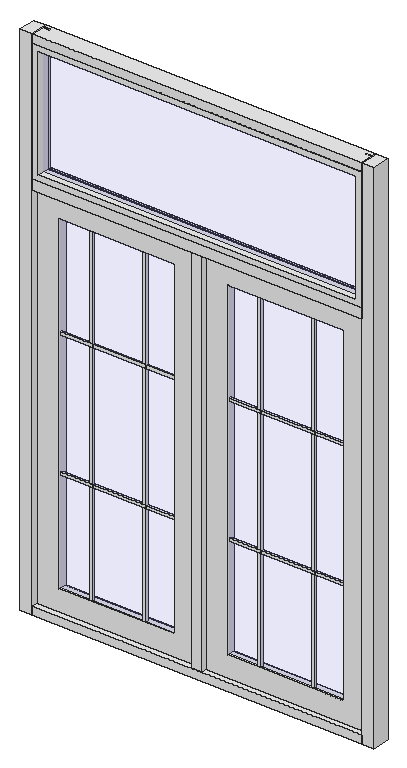
Revit family "Door_Curtain_Wall-Outswing_With_Transom-Traco-NX-8910-Double_Panel", category Curtain Panels, Revit 2015
Parameters (values of type "NX-8910 - Double_Panel-Transom")
  Water Resistance = 15.0000 psf
  Uniform Load Structural = 75.0000 psf
  Uniform Load Deflection = 50.0000 psf
  Transom Panel Width [instance] = Door Width - 0' 4 1/4"  # 5' - 1.00212"
  Transom Panel Height [instance] = Transom Height - 0' 1 1/4"  # 1' - 10 3/4"
  Transom Height [instance] = 2' - 0"
  Product data url = "https://bimobject.com/kawneerna/product/89101"
  Product Page URL = "http://www.alcoa.com/traco/en/product.asp?cat_id=1912&prod_id=4259"
  Product Documentation Link = "http://www.alcoa.com/traco/en/cad_spec.asp?cat_id=1912&prod_id=4259&area=prod"
  Panel Width [instance] = (Door Width / 2) - 0' 3"  # 2' - 5.62606"
  Panel Material [instance] = Aluminum - Traco - Anodized - Gray
  Panel Height [instance] = Door Height - 0' 2 1/2"  # 5' - 9 1/2"
  Muntin Type = Muntin-Grid-Traco-Lites : Interior
  Glass Material [instance] = Glass - Traco - Clear
  Frame Material [instance] = Aluminum - Traco - Anodized - Gray
  Door Width [instance] = if(CTRL Opening Width < Door Width Minimum, Door Width Minimum, if(CTRL Opening Width > Door Width Maximum, Door Width Maximum, CTRL Opening Width))  # 5' - 5.25212"
  Door Height [instance] = Overall Height - Transom Height  # 6' - 0"
  Door Base = 0' - 1 1/8"
  Copyright © = "2011 Traco"  # constant formula
  CTRL Opening Width [instance] = 5' - 5.25212"
  URL = "http://www.alcoa.com/traco/en/home.asp"
  U Factor = "0.40*"
  Type Comments = "2 Panel With Transom"
  Test Size = "48\" X 96\""
  Overall Height [instance] = if(CTRL Opening Height < Door Height Minimum, Door Height Minimum, if(CTRL Opening Height > Door Height Maximum, Door Height Maximum, CTRL Opening Height))  # 8' - 0"
  Muntin [instance] = yes
  Model = "NX-8910 With Transom"
  Manufacturer = "Traco"  # constant formula
  CTRL Opening Height [instance] = 8' - 0"
  Forced Entry Resistance = ""
  Door Width Minimum [instance] = 4' - 0"
  Door Width Maximum [instance] = 8' - 0"
  Door Swing Angle [instance] = 90.00°
  Door Height Minimum [instance] = 6' - 0"
  Door Height Maximum [instance] = 10' - 0"
  Designation = "AAMA/WDMA/CSA 101/I.S.2/A-440-05: HS-C50 And AAMA/WDMA/CSA 101/I.S.2/A-440-08:AW-PG50-ATD"
  Description = "Double Door"
  Condensation Resistance = "48"
  Assembly Code = "B2020220"
  Allowable Air Infiltration Maximum = "0.1 @ 6.2 PSF"
Reference planes (in)
  plane 1 "Front": y = 0
  plane 2: z = 0
  plane 3 "Center (Left/Right)": x = 0
  plane 4 "Left": x = -32.62606
  plane 5 "Right": x = 32.62606
  plane 6 "Top": z = 96
  plane 7 "Door Base": z = 1.125
  plane 8 "Muntin Center F_B": y = -0.25
  plane 9: x = -30.37606
  plane 10: x = 30.37606
  plane 11 "Stop Front": y = 0.875
  plane 12 "Right Panel Left": x = 0.75
  plane 13 "Left Panel Right": x = -0.75
Lines and regions (in)
  symbolic lines, detail levels coarse
    curve 1: line (30.50106, -1.625, 0) -> (30.37606, -1.625, 0)
    curve 2: line (-30.50106, -1.625, 0) -> (-30.37606, -1.625, 0)
  symbolic lines, detail levels fine
    curve 3: line (30.25106, 0, 71.875) -> (30.25106, 0, 70.625)
Text (in)
  text "Exterior" at (-54.29358, -18.61257, 0), in view "Ref. Level"
  text "Exterior" at (480, 41.53993, 89.60405), in view "Right"
  text "Exterior" at (-240, 57.82419, 105.78864), in view "Left"
Dimensions and locks (in)
  equal spacing: plane 4 "Left", plane 3 "Center (Left/Right)", plane 5 "Right"
  "Door Base": plane 2 to plane 7 "Door Base"
  locked: nested 1 to nested 2 at 0.125  (x2)
  "CTRL Opening Width": plane 4 "Left" to plane 5 "Right"
  "CTRL Opening Height": plane 6 "Top" to plane 2
  "Overall Height": nested 1 to plane 2
  locked: plane 4 "Left" to plane 9 at 2.25
  locked: plane 10 to plane 5 "Right" at 2.25
  locked: plane 1 "Front" to plane 8 "Muntin Center F_B" at 0.25
  locked: plane 1 "Front" to plane 11 "Stop Front" at 0.875
  locked: plane 12 "Right Panel Left" to plane 3 "Center (Left/Right)" at 0.75
  locked: plane 3 "Center (Left/Right)" to plane 13 "Left Panel Right" at 0.75
  aligned and locked: level to plane 2
  aligned and locked: nested 2 to nested 1
  aligned: plane 7 "Door Base" to nested 4
  aligned and locked: plane 11 "Stop Front" to nested 3
  aligned and locked: nested 1 to plane 11 "Stop Front"
  aligned and locked: plane 3 "Center (Left/Right)" to nested 1
  aligned and locked: plane 7 "Door Base" to nested 10
  aligned and locked: nested 10 to plane 12 "Right Panel Left"
  aligned and locked: plane 13 "Left Panel Right" to nested 4
  aligned and locked: plane 7 "Door Base" to nested 4
  aligned and locked: nested 9 to plane 13 "Left Panel Right"
  aligned and locked: nested 9 to plane 7 "Door Base"
  aligned and locked: nested 3 to plane 12 "Right Panel Left"
  aligned and locked: plane 7 "Door Base" to nested 3
Automatic sketch dimensions
  plane 1 "Front" to curve 2 = 0' - 1 5/8"
  curve 2 to plane 4 "Left" = 0' - 2 1/8"
  curve 2 to curve 2 = 0' - 0 1/8"
  plane 5 "Right" to curve 1 = 0' - 2 1/4"
  curve 1 to curve 1 = 0' - 0 1/8"
  curve 1 to plane 8 "Muntin Center F_B" = 0' - 1 3/8"
  plane 10 to curve 3 = 0' - 0 1/8"
  curve 3 to curve 3 = 0' - 1 1/4"
  plane 6 "Top" to curve 3 = 2' - 0 1/8"
Nested families (in)
  nested 1: "Door_Frame-Outswing-Traco-(NX-8910)-Double_Panel_With_Transom" at (-24, 0, 0), type "Standard Sill"
    with Door Width 5' - 5.25212", Door Height 6' - 0"
  nested 2: "Door-Glass_Panel-Traco-(TR-8910)-Transom" at (0, 0.875, 71.875), Height <- "Transom Panel Height", Width <- "Transom Panel Width", Panel Material <- "Panel Material", Glass Material <- "Glass Material", type "T"
    with built-in parameter 1001301 5' - 1.00212", built-in parameter 1001302 0' - 2 1/2", Panel Offset 0' - 4 1/4", Panel Material Aluminum - Traco - Anodized - Gray, Panel Finish none, built-in parameter 1001300 1' - 10 3/4", Glazing "Low E-Argon", Glass Material Glass - Traco - Clear
  nested 3: "Door-Glass_Panel-Traco-(TR-8910)" at (-5.62394, 1.5, 1.125), Width <- "Panel Width", Height <- "Panel Height", Panel Material <- "Panel Material", Glass Material <- "Glass Material", Angle <- "Door Swing Angle", type "S"
    with built-in parameter 1001301 2' - 5.62606", built-in parameter 1001302 0' - 1 1/2", Panel Offset 0' - 4 1/4", Panel Material Aluminum - Traco - Anodized - Gray, Panel Finish none, Hidden Swing Angle 90.00°, built-in parameter 1001300 5' - 9 1/2", Glazing Thickness 0' - 1", Glazing "Low E-Argon", Glass Material Glass - Traco - Clear, Elevation Swing yes, Angle 90.00°
  nested 4: "Muntin-Grid-Traco-Lites" at (-15.56303, -0.25, 35.875) x (-1, 0, 0) z (0, -1, 0), Sash Height <- "Panel Height", Length <- "Panel Width", type <- "Muntin Type", visible <- "Muntin", type "Interior"
    with Sash Height 5' - 9 1/2", Material Aluminum - Traco - Anodized - Gray, Length 2' - 5.62606", Glazing Thickness 0' - 0 7/8", CTRL Muntin Vertical Distance 1' - 11.16667", CTRL Muntin Horizontal Distance 0' - 9.87535", CTRL Face Offset 0' - 0 1/4", CTRL Bar Vertical Visibility no, CTRL Bar Horizontal Visibility no, CTRL Array Vertical Visibility yes, CTRL Array Horizontal Visibility yes, Has Interior Muntins yes, Has Exterior Muntins no
  nested 5: "Muntin-Trapezoid-Traco-Single" at (-20.50071, -0.0625, 35.875) x (0, 0, -1) z (0, -1, 0), type "Standard Colonial"
    with Material Aluminum - Traco - Anodized - Gray, Length 5' - 9 1/2", Width Top 0' - 0 9/16", Width Base 0' - 0 9/16", Height 0' - 0 5/16"
  nested 6: "Muntin-Trapezoid-Traco-Single" at (-15.56303, -0.0625, 47.45833) x (1, 0, 0) z (0, -1, 0), type "Standard Colonial"
    with Material Aluminum - Traco - Anodized - Gray, Length 2' - 5.62606", Width Top 0' - 0 9/16", Width Base 0' - 0 9/16", Height 0' - 0 5/16"
  nested 7: "Muntin-Trapezoid-Traco-Single" at (-10.62535, -0.0625, 35.875) x (0, 0, -1) z (0, -1, 0), type "Standard Colonial"
    with Material Aluminum - Traco - Anodized - Gray, Length 5' - 9 1/2", Width Top 0' - 0 9/16", Width Base 0' - 0 9/16", Height 0' - 0 5/16"
  nested 8: "Muntin-Trapezoid-Traco-Single" at (-15.56303, -0.0625, 24.29167) x (1, 0, 0) z (0, -1, 0), type "Standard Colonial"
    with Material Aluminum - Traco - Anodized - Gray, Length 2' - 5.62606", Width Top 0' - 0 9/16", Width Base 0' - 0 9/16", Height 0' - 0 5/16"
  nested 9: "Door-Glass_Panel-Traco-(TR-8910)" at (5.62394, 1.5, 1.125) x (-1, 0, 0) z (0, 0, 1), Width <- "Panel Width", Height <- "Panel Height", Panel Material <- "Panel Material", Glass Material <- "Glass Material", Angle <- "Door Swing Angle", type "S"
    with built-in parameter 1001301 2' - 5.62606", built-in parameter 1001302 0' - 1 1/2", Panel Offset 0' - 4 1/4", Panel Material Aluminum - Traco - Anodized - Gray, Panel Finish none, Hidden Swing Angle 90.00°, built-in parameter 1001300 5' - 9 1/2", Glazing Thickness 0' - 1", Glazing "Low E-Argon", Glass Material Glass - Traco - Clear, Elevation Swing yes, Angle 90.00°
  nested 10: "Muntin-Grid-Traco-Lites" at (15.56303, -0.25, 35.875) x (-1, 0, 0) z (0, -1, 0), Sash Height <- "Panel Height", Length <- "Panel Width", type <- "Muntin Type", visible <- "Muntin", type "Interior"
    with Sash Height 5' - 9 1/2", Material Aluminum - Traco - Anodized - Gray, Length 2' - 5.62606", Glazing Thickness 0' - 0 7/8", CTRL Muntin Vertical Distance 1' - 11.16667", CTRL Muntin Horizontal Distance 0' - 9.87535", CTRL Face Offset 0' - 0 1/4", CTRL Bar Vertical Visibility no, CTRL Bar Horizontal Visibility no, CTRL Array Vertical Visibility yes, CTRL Array Horizontal Visibility yes, Has Interior Muntins yes, Has Exterior Muntins no
  nested 11: "Muntin-Trapezoid-Traco-Single" at (10.62535, -0.0625, 35.875) x (0, 0, -1) z (0, -1, 0), type "Standard Colonial"
    with Material Aluminum - Traco - Anodized - Gray, Length 5' - 9 1/2", Width Top 0' - 0 9/16", Width Base 0' - 0 9/16", Height 0' - 0 5/16"
  nested 12: "Muntin-Trapezoid-Traco-Single" at (15.56303, -0.0625, 47.45833) x (1, 0, 0) z (0, -1, 0), type "Standard Colonial"
    with Material Aluminum - Traco - Anodized - Gray, Length 2' - 5.62606", Width Top 0' - 0 9/16", Width Base 0' - 0 9/16", Height 0' - 0 5/16"
  nested 13: "Muntin-Trapezoid-Traco-Single" at (20.50071, -0.0625, 35.875) x (0, 0, -1) z (0, -1, 0), type "Standard Colonial"
    with Material Aluminum - Traco - Anodized - Gray, Length 5' - 9 1/2", Width Top 0' - 0 9/16", Width Base 0' - 0 9/16", Height 0' - 0 5/16"
  nested 14: "Muntin-Trapezoid-Traco-Single" at (15.56303, -0.0625, 24.29167) x (1, 0, 0) z (0, -1, 0), type "Standard Colonial"
    with Material Aluminum - Traco - Anodized - Gray, Length 2' - 5.62606", Width Top 0' - 0 9/16", Width Base 0' - 0 9/16", Height 0' - 0 5/16"
Definition of nested family "Door_Frame-Outswing-Traco-(NX-8910)-Double_Panel_With_Transom"
  Parameters
    Transom Height = 2' - 0"
    Mullion Thickness = 0' - 2 3/4"
    Jamb Thickness = 0' - 2 1/4"
    Head Thickness = 0' - 1 3/4"
    Frame Material = none
    Frame Depth = 0' - 3 1/4"
    Door Width = 4' - 0"
    Door Height = 8' - 0"
    Assembly Code = ""
  Reference planes (in)
    plane 1 "Center (Front/Back)": y = 0
    plane 2 "Bottom": z = 0
    plane 3 "Center (Left/Right)": x = 24
    plane 4 "Interior": y = 1.625
    plane 5 "Exterior": y = -1.625
    plane 6 "Left": x = 0
    plane 7 "Top of Frame": z = 96
    plane 8 "Inside Frame Left Side": x = 2.25
    plane 9 "Inside Frame Right Side": x = 45.75
    plane 10 "Panel Top": z = 94.25
    plane 11 "Panel Bottom": z = 1.5
    plane 12 "Right": x = 48
    plane 13 "Mullion Left Side": x = 22.625
    plane 14 "Mullion Right Side": x = 25.375
    plane 15 "Top": z = 120
    plane 16 "Top Inset": z = 118.5
    plane 17 "Tab Back": y = 1
    plane 18 "Tab Front": y = 0.875
    plane 19 "Left Stop Right": x = 3.375
    plane 20 "Left Center": x = 23.125
    plane 21 "Mullion Right": x = 25.375
    plane 22 "Right Center": x = 24.875
    plane 23 "Right Stop Left": x = 44.625
    plane 24 "Transoml Top": z = 117.375
    plane 25 "Transom Bottom": z = 97.125
    plane 26 "Panel Bottom Inset": z = 2.4375
    plane 27 "Panel Top Inset": z = 93.125
  Forms (in)
    Extrusion 1, solid, material <- "Frame Material"
      sketch origin (24, 0, 0) x (0, 1, 0) y (0, 0, 1)
        loop
          line (1.625, 0) -> (1.625, 2) -> (0.875, 2.4375) -> (0.875, 1.5) -> (-1.625, 1.5) -> (-1.625, 0) -> (1.625, 0)
      from -21.75 to 21.75
    Extrusion 2, solid, material <- "Frame Material"
      sketch origin (0, 0, 0) x (1, 0, 0) y (0, 1, 0)
        loop
          line (0, -1.625) -> (2.25, -1.625) -> (2.25, 0.875) -> (3.375, 0.875) -> (3.375, 1) -> (2.25, 1) -> (2.25, 1.625) -> (0, 1.625) -> (0, -1.625)
        loop
          line (48, -1.625) -> (48, 1.625) -> (45.75, 1.625) -> (45.75, 1) -> (44.625, 1) -> (44.625, 0.875) -> (45.75, 0.875) -> (45.75, -1.625) -> (48, -1.625)
      from 0 to 120
    Extrusion 3, solid, material <- "Frame Material"
      sketch origin (0, 0, 0) x (1, 0, 0) y (0, 1, 0)
        loop
          line (23.125, -1.625) -> (24.875, -1.625) -> (24.875, 0.875) -> (25.375, 0.875) -> (25.375, 1) -> (22.625, 1) -> (22.625, 0.875) -> (23.125, 0.875) -> (23.125, -1.625)
      from 1.5 to 94.25
    Extrusion 4, solid, material <- "Frame Material"
      sketch origin (0.2506, 0, 0) x (0, 1, 0) y (0, 0, 1)
        loop
          line (-1.625, 120) -> (-1.625, 118.5) -> (0.875, 118.5) -> (0.875, 117.375) -> (1, 117.375) -> (1, 118.5) -> (1.625, 118.5) -> (1.625, 120) -> (-1.625, 120)
      from 1.9994 to 45.4994
    Extrusion 5, solid, material <- "Frame Material"
      sketch origin (-0.88422, 0, 0) x (0, 1, 0) y (0, 0, 1)
        loop
          line (-1.625, 96) -> (-1.625, 94.25) -> (0.875, 94.25) -> (0.875, 93.125) -> (1, 93.125) -> (1, 94.25) -> (1.625, 94.25) -> (1.625, 96) -> (1, 96) -> (1, 97.125) -> (0.875, 97.125) -> (0.875, 96) -> (-1.625, 96)
      from 3.13422 to 46.63422
  Lines and regions (in)
    Masking region 1
      outline origin (0, 0, 96) x (-1, 0, 0) y (0, -1, 0)
        loop
          line (0, 1.625) -> (-48, 1.625) -> (-48, -1.625) -> (0, -1.625) -> (0, 1.625)
    Masking region 2
      outline origin (0, 0, 0) x (1, 0, 0) y (0, 0, 1)
        loop
          line (0, 0) -> (48, 0) -> (48, 120) -> (0, 120) -> (0, 0)
        loop
          line (3.375, 97.125) -> (44.625, 97.125) -> (44.625, 117.375) -> (3.375, 117.375) -> (3.375, 97.125)
        loop
          line (3.375, 2.4375) -> (22.625, 2.4375) -> (22.625, 93.125) -> (3.375, 93.125) -> (3.375, 2.4375)
        loop
          line (25.375, 93.125) -> (25.375, 2.4375) -> (44.625, 2.4375) -> (44.625, 93.125) -> (25.375, 93.125)
    symbolic lines, detail levels medium+fine
      curve 1: line (2.25, -1.625, 96) -> (2.25, 0.875, 96)
      curve 2: line (2.25, 0.875, 96) -> (3.375, 0.875, 96)
      curve 3: line (3.375, 0.875, 96) -> (3.375, 1, 96)
      curve 4: line (3.375, 1, 96) -> (2.25, 1, 96)
      curve 5: line (2.25, 1, 96) -> (2.25, 1.625, 96)
      curve 6: line (23.125, -1.625, 96) -> (23.125, 0.875, 96)
      curve 7: line (23.125, 0.875, 96) -> (22.625, 0.875, 96)
      curve 8: line (22.625, 0.875, 96) -> (22.625, 1, 96)
      curve 9: line (22.625, 1, 96) -> (25.375, 1, 96)
      curve 10: line (25.375, 1, 96) -> (25.375, 0.875, 96)
      curve 11: line (25.375, 0.875, 96) -> (24.875, 0.875, 96)
      curve 12: line (24.875, 0.875, 96) -> (24.875, -1.625, 96)
      curve 13: line (45.75, -1.625, 96) -> (45.75, 0.875, 96)
      curve 14: line (45.75, 0.875, 96) -> (44.625, 0.875, 96)
      curve 15: line (44.625, 0.875, 96) -> (44.625, 1, 96)
      curve 16: line (44.625, 1, 96) -> (45.75, 1, 96)
      curve 17: line (45.75, 1, 96) -> (45.75, 1.625, 96)
    symbolic lines
      curve 18: line (2.25, 1.625, 120) -> (2.25, 1.625, 0)
      curve 19: line (2.25, 1.625, 118.5) -> (45.75, 1.625, 118.5)
      curve 20: line (45.75, 1.625, 117.375) -> (44.625, 1.625, 117.375)
      curve 21: line (44.625, 1.625, 117.375) -> (44.625, 1.625, 118.5)
      curve 22: line (2.25, 1.625, 117.375) -> (3.375, 1.625, 117.375)
      curve 23: line (3.375, 1.625, 117.375) -> (3.375, 1.625, 118.5)
      curve 24: line (45.75, 1.625, 120) -> (45.75, 1.625, 0)
      curve 25: line (45.75, 1.625, 2.4375) -> (44.625, 1.625, 2.4375)
      curve 26: line (45.75, 1.625, 1.5) -> (2.25, 1.625, 1.5)
      curve 27: line (3.375, 1.625, 2.4375) -> (3.375, 1.625, 1.5)
      curve 28: line (3.375, 1.625, 2.4375) -> (2.25, 1.625, 2.4375)
      curve 29: line (22.625, 1.625, 1.5) -> (22.625, 1.625, 2.4375)
      curve 30: line (25.375, 1.625, 1.5) -> (25.375, 1.625, 2.4375)
      curve 31: line (24.875, 1.625, 2.4375) -> (25.375, 1.625, 2.4375)
      curve 32: line (23.125, 1.625, 2.4375) -> (22.625, 1.625, 2.4375)
      curve 33: line (23.125, 1.625, 1.5) -> (23.125, 1.625, 94.25)
      curve 34: line (22.625, 1.625, 93.125) -> (23.125, 1.625, 93.125)
      curve 35: line (22.625, 1.625, 93.125) -> (22.625, 1.625, 94.25)
      curve 36: line (25.375, 1.625, 93.125) -> (24.875, 1.625, 93.125)
      curve 37: line (25.375, 1.625, 93.125) -> (25.375, 1.625, 94.25)
      curve 38: line (24.875, 1.625, 94.25) -> (24.875, 1.625, 1.5)
      curve 39: line (2.25, 1.625, 94.25) -> (45.75, 1.625, 94.25)
      curve 40: line (44.625, 1.625, 94.25) -> (44.625, 1.625, 93.125)
      curve 41: line (45.75, 1.625, 93.125) -> (44.625, 1.625, 93.125)
      curve 42: line (2.25, 1.625, 93.125) -> (3.375, 1.625, 93.125)
      curve 43: line (3.375, 1.625, 93.125) -> (3.375, 1.625, 94.25)
      curve 44: line (3.375, 1.625, 97.125) -> (3.375, 1.625, 96)
      curve 45: line (2.25, 1.625, 97.125) -> (3.375, 1.625, 97.125)
      curve 46: line (2.25, 1.625, 96) -> (45.75, 1.625, 96)
      curve 47: line (44.625, 1.625, 96) -> (44.625, 1.625, 97.125)
      curve 48: line (44.625, 1.625, 97.125) -> (45.75, 1.625, 97.125)
      curve 49: line (44.625, 1.625, 2.4375) -> (44.625, 1.625, 1.5)
      curve 50: line (2.25, -1.625, 118.5) -> (45.75, -1.625, 118.5)
      curve 51: line (2.25, -1.625, 120) -> (2.25, -1.625, 0)
      curve 52: line (2.25, -1.625, 1.5) -> (45.75, -1.625, 1.5)
      curve 53: line (3.375, -1.625, 1.5) -> (3.375, -1.625, 2.4375)
      curve 54: line (2.25, -1.625, 2.4375) -> (3.375, -1.625, 2.4375)
      curve 55: line (22.625, -1.625, 2.4375) -> (23.125, -1.625, 2.4375)
      curve 56: line (22.625, -1.625, 2.4375) -> (22.625, -1.625, 1.5)
      curve 57: line (25.375, -1.625, 2.4375) -> (24.875, -1.625, 2.4375)
      curve 58: line (25.375, -1.625, 2.4375) -> (25.375, -1.625, 1.5)
      curve 59: line (23.125, -1.625, 1.5) -> (23.125, -1.625, 94.25)
      curve 60: line (22.625, -1.625, 94.25) -> (22.625, -1.625, 93.125)
      curve 61: line (23.125, -1.625, 93.125) -> (22.625, -1.625, 93.125)
      curve 62: line (24.875, -1.625, 94.25) -> (24.875, -1.625, 1.5)
      curve 63: line (25.375, -1.625, 93.125) -> (24.875, -1.625, 93.125)
      curve 64: line (25.375, -1.625, 93.125) -> (25.375, -1.625, 94.25)
      curve 65: line (44.625, -1.625, 93.125) -> (44.625, -1.625, 94.25)
      curve 66: line (44.625, -1.625, 93.125) -> (45.75, -1.625, 93.125)
      curve 67: line (45.75, -1.625, 94.25) -> (2.25, -1.625, 94.25)
      curve 68: line (3.375, -1.625, 93.125) -> (3.375, -1.625, 94.25)
      curve 69: line (3.375, -1.625, 93.125) -> (2.25, -1.625, 93.125)
      curve 70: line (2.25, -1.625, 96) -> (45.75, -1.625, 96)
      curve 71: line (44.625, -1.625, 96) -> (44.625, -1.625, 97.125)
      curve 72: line (44.625, -1.625, 97.125) -> (45.75, -1.625, 97.125)
      curve 73: line (2.25, -1.625, 97.125) -> (3.375, -1.625, 97.125)
      curve 74: line (3.375, -1.625, 97.125) -> (3.375, -1.625, 96)
      curve 75: line (45.75, -1.625, 0) -> (45.75, -1.625, 120)
      curve 76: line (44.625, -1.625, 118.5) -> (44.625, -1.625, 117.375)
      curve 77: line (44.625, -1.625, 117.375) -> (45.75, -1.625, 117.375)
      curve 78: line (2.25, -1.625, 117.375) -> (3.375, -1.625, 117.375)
      curve 79: line (3.375, -1.625, 117.375) -> (3.375, -1.625, 118.5)
      curve 80: line (44.625, -1.625, 1.5) -> (44.625, -1.625, 2.4375)
      curve 81: line (44.625, -1.625, 2.4375) -> (45.75, -1.625, 2.4375)
  Dimensions and locks (in)
    equal spacing: plane 4 "Interior", plane 1 "Center (Front/Back)", plane 5 "Exterior"
    "Frame Depth": plane 4 "Interior" to plane 5 "Exterior"
    "Head Thickness": plane 7 "Top of Frame" to plane 10 "Panel Top"
    "Jamb Thickness": plane 6 "Left" to plane 8 "Inside Frame Left Side"
    "Door Height": plane 7 "Top of Frame" to plane 2 "Bottom"
    plane 11 "Panel Bottom" to plane 2 "Bottom" = 0' - 1 1/2"
    equal spacing: plane 6 "Left", plane 3 "Center (Left/Right)", plane 12 "Right"
    "Door Width": plane 12 "Right" to plane 6 "Left"
    "Jamb Thickness": plane 12 "Right" to plane 9 "Inside Frame Right Side"
    equal spacing: plane 13 "Mullion Left Side", plane 3 "Center (Left/Right)", plane 14 "Mullion Right Side"
    "Mullion Thickness": plane 13 "Mullion Left Side" to plane 14 "Mullion Right Side"
    "Transom Height": plane 15 "Top" to plane 7 "Top of Frame"
    locked: plane 15 "Top" to plane 16 "Top Inset" at 1.5
    locked: Extrusion 5 sketch curve to Extrusion 5 sketch curve at 1.125
    locked: plane 17 "Tab Back" to plane 18 "Tab Front" at 0.125
    locked: plane 8 "Inside Frame Left Side" to plane 19 "Left Stop Right" at 1.125
    locked: plane 23 "Right Stop Left" to plane 9 "Inside Frame Right Side" at 1.125
    locked: plane 13 "Mullion Left Side" to plane 20 "Left Center" at 0.5
    locked: plane 22 "Right Center" to plane 21 "Mullion Right" at 0.5
    locked: plane 15 "Top" to plane 24 "Transoml Top" at 2.625
    locked: plane 25 "Transom Bottom" to plane 7 "Top of Frame" at 1.125
    locked: plane 26 "Panel Bottom Inset" to plane 11 "Panel Bottom" at 0.9375
    locked: plane 10 "Panel Top" to plane 27 "Panel Top Inset" at 1.125
    aligned and locked: level to plane 2 "Bottom"
    aligned and locked: plane 8 "Inside Frame Left Side" to Extrusion 1
    aligned and locked: Extrusion 1 to plane 9 "Inside Frame Right Side"
    aligned: plane 7 "Top of Frame" to Extrusion 2
    aligned and locked: plane 10 "Panel Top" to Extrusion 3
    aligned: plane 15 "Top" to Extrusion 4
    aligned: plane 16 "Top Inset" to Extrusion 4
    aligned and locked: plane 8 "Inside Frame Left Side" to Extrusion 4
    aligned and locked: Extrusion 4 to plane 9 "Inside Frame Right Side"
    aligned and locked: plane 15 "Top" to Extrusion 2
    aligned and locked: plane 8 "Inside Frame Left Side" to Extrusion 5
    aligned and locked: Extrusion 5 to plane 9 "Inside Frame Right Side"
    aligned and locked: plane 5 "Exterior" to Extrusion 4 sketch curve
    aligned and locked: Extrusion 4 sketch curve to plane 4 "Interior"
    aligned and locked: plane 15 "Top" to Extrusion 4 sketch curve
    aligned and locked: plane 16 "Top Inset" to Extrusion 4 sketch curve
    aligned and locked: plane 4 "Interior" to Extrusion 2 sketch curve
    aligned and locked: Extrusion 2 sketch curve to plane 4 "Interior"
    aligned and locked: Extrusion 2 sketch curve to plane 12 "Right"
    aligned and locked: Extrusion 2 sketch curve to plane 5 "Exterior"
    aligned and locked: Extrusion 2 sketch curve to plane 9 "Inside Frame Right Side"  (x2)
    aligned and locked: plane 6 "Left" to Extrusion 2 sketch curve
    aligned and locked: plane 5 "Exterior" to Extrusion 2 sketch curve
    aligned and locked: Extrusion 2 sketch curve to plane 8 "Inside Frame Left Side"  (x2)
    aligned and locked: plane 4 "Interior" to Extrusion 1 sketch curve
    aligned and locked: plane 5 "Exterior" to Extrusion 1 sketch curve
    aligned and locked: Extrusion 1 sketch curve to level
    aligned and locked: plane 11 "Panel Bottom" to Extrusion 1 sketch curve
    aligned and locked: plane 5 "Exterior" to Extrusion 3 sketch curve
    aligned and locked: plane 7 "Top of Frame" to Extrusion 5 sketch curve  (x2)
    aligned and locked: Extrusion 5 sketch curve to plane 10 "Panel Top"  (x2)
    aligned and locked: plane 5 "Exterior" to Extrusion 5 sketch curve
    aligned and locked: plane 4 "Interior" to Extrusion 5 sketch curve
    aligned and locked: Extrusion 3 to plane 11 "Panel Bottom"
    aligned and locked: Extrusion 3 to plane 10 "Panel Top"
    aligned and locked: plane 6 "Left" to Masking region 1 sketch curve
    aligned and locked: plane 5 "Exterior" to Masking region 1 sketch curve
    aligned and locked: plane 4 "Interior" to Masking region 1 sketch curve
    aligned and locked: plane 12 "Right" to Masking region 1 sketch curve
    aligned and locked: plane 9 "Inside Frame Right Side" to Extrusion 2  (x2)
    aligned and locked: Extrusion 2 to plane 8 "Inside Frame Left Side"  (x2)
    aligned and locked: Extrusion 2 to plane 18 "Tab Front"  (x2)
    aligned and locked: Extrusion 2 to plane 19 "Left Stop Right"
    aligned and locked: plane 17 "Tab Back" to Extrusion 2  (x2)
    aligned and locked: plane 20 "Left Center" to Extrusion 3
    aligned and locked: Extrusion 3 to plane 18 "Tab Front"  (x2)
    aligned and locked: plane 13 "Mullion Left Side" to Extrusion 3
    aligned and locked: plane 17 "Tab Back" to Extrusion 3
    aligned and locked: Extrusion 3 to plane 21 "Mullion Right"
    aligned and locked: Extrusion 3 to plane 22 "Right Center"
    aligned and locked: plane 23 "Right Stop Left" to Extrusion 2
    aligned and locked: curve 17 to plane 9 "Inside Frame Right Side"
    aligned and locked: plane 15 "Top" to Masking region 2 sketch curve
    aligned and locked: plane 12 "Right" to Masking region 2 sketch curve
    aligned and locked: plane 6 "Left" to Masking region 2 sketch curve
    aligned and locked: Masking region 2 sketch curve to plane 2 "Bottom"
    aligned and locked: plane 19 "Left Stop Right" to Masking region 2 sketch curve  (x2)
    aligned and locked: Masking region 2 sketch curve to plane 23 "Right Stop Left"
    aligned and locked: plane 23 "Right Stop Left" to Masking region 2 sketch curve
    aligned and locked: Masking region 2 sketch curve to plane 21 "Mullion Right"
    aligned and locked: Masking region 2 sketch curve to plane 13 "Mullion Left Side"
    aligned and locked: Masking region 2 sketch curve to plane 24 "Transoml Top"
    aligned and locked: Masking region 2 sketch curve to plane 25 "Transom Bottom"
    aligned and locked: plane 27 "Panel Top Inset" to Masking region 2 sketch curve
    aligned and locked: Masking region 2 sketch curve to plane 27 "Panel Top Inset"
    aligned and locked: Masking region 2 sketch curve to plane 26 "Panel Bottom Inset"
    aligned and locked: plane 26 "Panel Bottom Inset" to Masking region 2 sketch curve
    aligned and locked: plane 8 "Inside Frame Left Side" to curve 18
    aligned and locked: plane 9 "Inside Frame Right Side" to curve 24
    aligned and locked: plane 11 "Panel Bottom" to curve 26
    aligned and locked: plane 26 "Panel Bottom Inset" to curve 25
    aligned and locked: curve 29 to plane 13 "Mullion Left Side"
    aligned and locked: plane 26 "Panel Bottom Inset" to curve 32
    aligned and locked: curve 31 to plane 26 "Panel Bottom Inset"
    aligned and locked: curve 30 to plane 21 "Mullion Right"
    aligned and locked: plane 22 "Right Center" to curve 38
    aligned and locked: plane 19 "Left Stop Right" to curve 27
    aligned and locked: plane 26 "Panel Bottom Inset" to curve 28
    aligned and locked: curve 35 to plane 13 "Mullion Left Side"
    aligned and locked: curve 34 to plane 27 "Panel Top Inset"
    aligned and locked: curve 37 to plane 21 "Mullion Right"
    aligned and locked: plane 27 "Panel Top Inset" to curve 36
    aligned and locked: curve 33 to plane 20 "Left Center"
    aligned and locked: curve 39 to plane 10 "Panel Top"
    aligned and locked: curve 46 to plane 7 "Top of Frame"
    aligned and locked: curve 42 to plane 27 "Panel Top Inset"
    aligned and locked: curve 43 to plane 19 "Left Stop Right"
    aligned and locked: plane 19 "Left Stop Right" to curve 44
    aligned and locked: curve 45 to plane 25 "Transom Bottom"
    aligned and locked: curve 20 to plane 24 "Transoml Top"
    aligned and locked: curve 21 to plane 23 "Right Stop Left"
    aligned and locked: plane 16 "Top Inset" to curve 19
    aligned and locked: plane 24 "Transoml Top" to curve 22
    aligned and locked: curve 23 to plane 19 "Left Stop Right"
    aligned and locked: curve 48 to plane 25 "Transom Bottom"
    aligned and locked: curve 47 to plane 23 "Right Stop Left"
    aligned and locked: plane 23 "Right Stop Left" to curve 40
    aligned and locked: plane 27 "Panel Top Inset" to curve 41
    aligned and locked: plane 23 "Right Stop Left" to curve 49
    aligned and locked: plane 16 "Top Inset" to curve 50
    aligned and locked: curve 75 to plane 9 "Inside Frame Right Side"
    aligned and locked: plane 23 "Right Stop Left" to curve 76
    aligned and locked: plane 24 "Transoml Top" to curve 77
    aligned and locked: plane 8 "Inside Frame Left Side" to curve 51
    aligned and locked: plane 24 "Transoml Top" to curve 78
    aligned and locked: curve 79 to plane 19 "Left Stop Right"
    aligned and locked: curve 73 to plane 25 "Transom Bottom"
    aligned and locked: plane 19 "Left Stop Right" to curve 74
    aligned and locked: curve 70 to plane 7 "Top of Frame"
    aligned and locked: curve 72 to plane 25 "Transom Bottom"
    aligned and locked: curve 71 to plane 23 "Right Stop Left"
    aligned and locked: plane 10 "Panel Top" to curve 67
    aligned and locked: curve 68 to plane 19 "Left Stop Right"
    aligned and locked: plane 27 "Panel Top Inset" to curve 69
    aligned and locked: plane 27 "Panel Top Inset" to curve 61
    aligned and locked: plane 13 "Mullion Left Side" to curve 60
    aligned and locked: curve 64 to plane 21 "Mullion Right"
    aligned and locked: plane 27 "Panel Top Inset" to curve 63
    aligned and locked: curve 59 to plane 20 "Left Center"
    aligned and locked: plane 22 "Right Center" to curve 62
    aligned and locked: curve 65 to plane 23 "Right Stop Left"
    aligned and locked: curve 66 to plane 27 "Panel Top Inset"
    aligned and locked: curve 80 to plane 23 "Right Stop Left"
    aligned and locked: curve 81 to plane 26 "Panel Bottom Inset"
    aligned and locked: curve 52 to plane 11 "Panel Bottom"
    aligned and locked: plane 21 "Mullion Right" to curve 58
    aligned and locked: plane 26 "Panel Bottom Inset" to curve 57
    aligned and locked: curve 55 to plane 26 "Panel Bottom Inset"
    aligned and locked: plane 13 "Mullion Left Side" to curve 56
    aligned and locked: curve 53 to plane 19 "Left Stop Right"
    aligned and locked: curve 54 to plane 26 "Panel Bottom Inset"
  Automatic sketch dimensions
    plane 16 "Top Inset" to Extrusion 4 sketch curve = 0' - 0"
    Extrusion 4 sketch curve to plane 4 "Interior" = 0' - 0 3/4"
    Extrusion 4 sketch curve to Extrusion 4 sketch curve = 0' - 0 1/8"
    Extrusion 4 sketch curve to Extrusion 4 sketch curve = 0' - 1 1/8"
    Extrusion 1 sketch curve to plane 4 "Interior" = 0' - 0 3/4"
    plane 11 "Panel Bottom" to Extrusion 1 sketch curve = 0' - 0 1/2"
    Extrusion 1 sketch curve to Extrusion 1 sketch curve = 0' - 0 7/16"
    Extrusion 3 sketch curve to plane 13 "Mullion Left Side" = 0' - 0"
    Extrusion 3 sketch curve to plane 14 "Mullion Right Side" = 0' - 0"
    Extrusion 3 sketch curve to plane 13 "Mullion Left Side" = 0' - 0 1/2"
    plane 14 "Mullion Right Side" to Extrusion 3 sketch curve = 0' - 0 1/2"
    Extrusion 3 sketch curve to plane 4 "Interior" = 0' - 0 3/4"  (x2)
    Extrusion 3 sketch curve to Extrusion 3 sketch curve = 0' - 0 1/8"
    Extrusion 2 sketch curve to plane 8 "Inside Frame Left Side" = 0' - 1 1/8"
    Extrusion 2 sketch curve to Extrusion 2 sketch curve = 0' - 1 1/8"
    Extrusion 2 sketch curve to Extrusion 2 sketch curve = 0' - 0 3/4"
    Extrusion 2 sketch curve to plane 4 "Interior" = 0' - 0 3/4"
    Extrusion 2 sketch curve to Extrusion 2 sketch curve = 0' - 0 1/8"  (x2)
    Extrusion 5 sketch curve to Extrusion 5 sketch curve = 0' - 0 3/4"
    Extrusion 5 sketch curve to plane 4 "Interior" = 0' - 0 3/4"
    Extrusion 5 sketch curve to Extrusion 5 sketch curve = 0' - 0 1/8"  (x2)
    plane 7 "Top of Frame" to Extrusion 5 sketch curve = 0' - 1 1/8"
    curve 13 to plane 9 "Inside Frame Right Side" = 0' - 0"
    curve 15 to plane 23 "Right Stop Left" = 0' - 0"
    curve 14 to plane 18 "Tab Front" = 0' - 0"
    curve 9 to plane 14 "Mullion Right Side" = 0' - 0"
    curve 12 to plane 22 "Right Center" = 0' - 0"
    plane 5 "Exterior" to curve 6 = 0' - 0"
    curve 6 to plane 20 "Left Center" = 0' - 0"
    curve 7 to plane 13 "Mullion Left Side" = 0' - 0"
    curve 3 to plane 19 "Left Stop Right" = 0' - 0"
    curve 4 to plane 8 "Inside Frame Left Side" = 0' - 0"
    curve 1 to plane 8 "Inside Frame Left Side" = 0' - 0"
    curve 17 to plane 4 "Interior" = 0' - 0"
    curve 5 to plane 4 "Interior" = 0' - 0"
    curve 17 to plane 17 "Tab Back" = 0' - 0"
    curve 5 to plane 17 "Tab Back" = 0' - 0"
    curve 9 to plane 17 "Tab Back" = 0' - 0"
    curve 6 to plane 18 "Tab Front" = 0' - 0"
    curve 10 to plane 18 "Tab Front" = 0' - 0"
    curve 1 to plane 18 "Tab Front" = 0' - 0"
    plane 5 "Exterior" to curve 12 = 0' - 0"
    plane 5 "Exterior" to curve 13 = 0' - 0"
    plane 5 "Exterior" to curve 1 = 0' - 0"
    curve 18 to level = 0' - 0"
    curve 24 to level = 0' - 0"
    curve 18 to plane 15 "Top" = 0' - 0"
    curve 24 to plane 15 "Top" = 0' - 0"
    curve 75 to level = 0' - 0"
    curve 51 to level = 0' - 0"
    curve 51 to plane 15 "Top" = 0' - 0"
    curve 75 to plane 15 "Top" = 0' - 0"
Definition of nested family "Door-Glass_Panel-Traco-(TR-8910)-Transom"
  Parameters
    Width [instance] = 6' - 0"
    Visible Light Transmission = 0
    URL = "www.integratedcontentsolutions.com"
    U Value = 0
    Type Comments = "Panel theory and model developed by Integrated Content Solutions"  # constant formula
    Thickness [instance] = 0' - 2 1/2"
    Solar Heat Gain Coefficient = 0
    R Value = 0
    Product Documentation Link = "www.integratedcontentsolutions.com"
    Panel Offset [instance] = 0' - 4 1/4"
    Panel Material [instance] = none
    Panel Finish [instance] = none
    Manufacturer = "Integrated Content Solutions"  # constant formula
    LEED Credit = ""
    Height [instance] = 2' - 0"
    Glazing [instance] = "Low E-Argon"
    Glass Material [instance] = none
    Function = 1
    Energy Star Zone = ""
    Copyright © = "Integrated Content Solutions © 2009"  # constant formula
    Assembly Code = "C1020110"
    Appear In Schedule = 0 = 1  # no
    Air Leakage = 0
  Reference planes (in)
    plane 1 "Exterior": y = 0
    plane 2 "Bottom": z = 0
    plane 3 "Left Side": x = -36
    plane 4 "Interior": y = -2.5
    plane 5 "Right Side": x = 36
    plane 6 "Top": z = 24
    plane 7 "Glass Exterior": y = -1.375
    plane 8 "Center L_R": x = 0
    plane 9 "Glazing Center F_B": y = -0.875
    plane 10 "Glazing Exterior": y = -0.375
    plane 11 "Glazing Left": x = -34.875
    plane 12 "Glazing Right": x = 34.875
    plane 13 "Glazing Top": z = 22.875
    plane 14 "Glazing Bottom": z = 1.125
  Forms (in)
    Extrusion 1, solid, material <- "Panel Material"
      sketch origin (0, 0, 0) x (1, 0, 0) y (0, 0, 1)
        loop
          line (-36, 24) -> (-36, 0) -> (36, 0) -> (36, 24) -> (-36, 24)
        loop
          line (-34.875, 22.875) -> (-34.875, 1.125) -> (34.875, 1.125) -> (34.875, 22.875) -> (-34.875, 22.875)
      from 0 to 2.5
    Extrusion 2, solid, material <- "Glass Material"
      sketch origin (0, -0.25, 0) x (1, 0, 0) y (0, 0, -1)
        loop
          line (-34.875, -22.875) -> (34.875, -22.875) -> (34.875, -1.125) -> (-34.875, -1.125) -> (-34.875, -22.875)
      from -1.125 to -0.125
  Lines and regions (in)
    Masking region 1
      outline origin (0, 0, 24) x (-1, 0, 0) y (0, -1, 0)
        loop
          line (36, 2.5) -> (-36, 2.5) -> (-36, 0) -> (36, 0) -> (36, 2.5)
    Masking region 2
      outline origin (0, -0.875, 0) x (-1, 0, 0) y (0, 0, 1)
        loop
          line (36, 0) -> (36, 24) -> (-36, 24) -> (-36, 0) -> (36, 0)
        loop
          line (34.875, 1.125) -> (34.875, 22.875) -> (-34.875, 22.875) -> (-34.875, 1.125) -> (34.875, 1.125)
    Masking region 3
      outline origin (0, 0, 0) x (0, 0, 1) y (0, -1, 0)
        loop
          line (0, 2.5) -> (0, 0) -> (24, 0) -> (24, 2.5) -> (0, 2.5)
  Dimensions and locks (in)
    "Width": plane 3 "Left Side" to plane 5 "Right Side"
    "Thickness": plane 4 "Interior" to plane 1 "Exterior"
    "Height": plane 6 "Top" to plane 2 "Bottom"
    "Width": plane 3 "Left Side" to Extrusion 1
    equal spacing: plane 5 "Right Side", plane 8 "Center L_R", plane 3 "Left Side"
    locked: Extrusion 1 sketch curve to Extrusion 1 sketch curve at 1.125  (x4)
    plane 9 "Glazing Center F_B" to plane 10 "Glazing Exterior" = 0' - 0 1/2"
    locked: plane 7 "Glass Exterior" to plane 10 "Glazing Exterior" at 1
    locked: plane 14 "Glazing Bottom" to plane 2 "Bottom" at 1.125
    locked: plane 6 "Top" to plane 13 "Glazing Top" at 1.125
    locked: plane 11 "Glazing Left" to plane 3 "Left Side" at 1.125
    locked: plane 5 "Right Side" to plane 12 "Glazing Right" at 1.125
    aligned and locked: plane 3 "Left Side" to Extrusion 1 sketch curve
    aligned: Extrusion 1 to plane 1 "Exterior"
    aligned: plane 4 "Interior" to Extrusion 1
    aligned and locked: level to plane 2 "Bottom"
    aligned and locked: plane 4 "Interior" to Extrusion 1
    aligned and locked: Extrusion 1 to plane 1 "Exterior"
    aligned and locked: Masking region 1 sketch curve to plane 3 "Left Side"
    aligned and locked: Masking region 1 sketch curve to plane 1 "Exterior"
    aligned and locked: plane 4 "Interior" to Masking region 1 sketch curve
    aligned and locked: plane 5 "Right Side" to Masking region 1 sketch curve
    aligned and locked: Extrusion 2 to plane 11 "Glazing Left"
    aligned and locked: plane 12 "Glazing Right" to Extrusion 2
    aligned and locked: Extrusion 2 to plane 7 "Glass Exterior"
    aligned and locked: Extrusion 2 to plane 10 "Glazing Exterior"
    aligned and locked: Extrusion 2 sketch curve to plane 13 "Glazing Top"
    aligned and locked: Extrusion 2 sketch curve to plane 12 "Glazing Right"
    aligned and locked: plane 11 "Glazing Left" to Extrusion 2 sketch curve
    aligned and locked: plane 14 "Glazing Bottom" to Extrusion 2 sketch curve
    aligned and locked: plane 6 "Top" to Masking region 2 sketch curve
    aligned and locked: plane 5 "Right Side" to Masking region 2 sketch curve
    aligned and locked: Masking region 2 sketch curve to plane 2 "Bottom"
    aligned and locked: Masking region 2 sketch curve to plane 3 "Left Side"
    aligned and locked: plane 13 "Glazing Top" to Masking region 2 sketch curve
    aligned and locked: plane 12 "Glazing Right" to Masking region 2 sketch curve
    aligned and locked: Masking region 2 sketch curve to plane 14 "Glazing Bottom"
    aligned and locked: Masking region 2 sketch curve to plane 11 "Glazing Left"
    aligned and locked: plane 6 "Top" to Masking region 3 sketch curve
    aligned and locked: Masking region 3 sketch curve to plane 1 "Exterior"
    aligned and locked: plane 4 "Interior" to Masking region 3 sketch curve
    aligned and locked: Masking region 3 sketch curve to plane 2 "Bottom"
  Automatic sketch dimensions
    Extrusion 1 sketch curve to level = 0' - 0"
    Extrusion 1 sketch curve to plane 3 "Left Side" = 0' - 0"
    Extrusion 1 sketch curve to plane 5 "Right Side" = 0' - 0"
    Extrusion 1 sketch curve to plane 6 "Top" = 0' - 0"
Definition of nested family "Door-Glass_Panel-Traco-(TR-8910)"
  Parameters
    Width [instance] = 3' - 0"
    Visible Light Transmission = 0
    URL = "www.integratedcontentsolutions.com"
    U Value = 0
    Type Comments = "Panel theory and model developed by Integrated Content Solutions"  # constant formula
    Thickness [instance] = 0' - 2 3/4"
    Stile Right = 0' - 4 1/8"
    Stile Left = 0' - 4 1/8"
    Solar Heat Gain Coefficient = 0
    Rail Head = 0' - 4 1/8"
    Rail Bottom = 0' - 4 1/8"
    R Value = 0
    Product Documentation Link = "www.integratedcontentsolutions.com"
    Panel Offset [instance] = 0' - 4 1/4"
    Panel Material [instance] = none
    Panel Finish [instance] = none
    Manufacturer = "Integrated Content Solutions"  # constant formula
    LEED Credit = ""
    Hidden Swing Angle [instance] = 90.00°
    Height [instance] = 7' - 0"
    Glazing Thickness [instance] = 0' - 1"
    Glazing [instance] = "Low E-Argon"
    Glass Material [instance] = none
    Function = 1
    Energy Star Zone = ""
    Elevation Swing [instance] = yes
    Copyright © = "Integrated Content Solutions © 2009"  # constant formula
    Assembly Code = "C1020110"
    Appear In Schedule = 0 = 1  # no
    Angle [instance] = 90.00°
    Air Leakage = 0
  Reference planes (in)
    plane 1 "Exterior": y = 0
    plane 2 "Bottom": z = 0
    plane 3 "Strike": x = 0
    plane 4 "Interior": y = -2.75
    plane 5 "Hinge": x = 36
    plane 6 "Top": z = 84
    plane 7 "Panel Center of Thickness": y = -1.375
    plane 8 "Panel Left": x = 4.125
    plane 9 "Panel Right": x = 31.875
    plane 10 "Panel Top": z = 79.875
    plane 11 "Panel Bottom": z = 4.125
    plane 12 "Glass Exterior": y = -0.875
    plane 13 "Glass Interior": y = -1.875
    plane 14 "Center L_R": x = 18
  Forms (in)
    Extrusion 1, solid, material <- "Panel Material"
      sketch origin (0, 0, 0) x (1, 0, 0) y (0, 0, 1)
        loop
          line (0, 84) -> (0, 0) -> (36, 0) -> (36, 84) -> (0, 84)
        loop
          line (4.125, 79.875) -> (4.125, 4.125) -> (31.875, 4.125) -> (31.875, 79.875) -> (4.125, 79.875)
      from 0 to 2.75
    Extrusion 2, solid, material <- "Glass Material"
      sketch origin (0, 0, 0) x (1, 0, 0) y (0, 0, -1)
        loop
          line (4.125, -79.875) -> (31.875, -79.875) -> (31.875, -4.125) -> (4.125, -4.125) -> (4.125, -79.875)
      from -1.875 to -0.875
  Lines and regions (in)
    Masking region 1
      outline origin (0, -1.375, 0) x (-1, 0, 0) y (0, 0, 1)
        loop
          line (0, 0) -> (0, 84) -> (-36, 84) -> (-36, 0) -> (0, 0)
        loop
          line (-4.125, 4.125) -> (-4.125, 79.875) -> (-31.875, 79.875) -> (-31.875, 4.125) -> (-4.125, 4.125)
    symbolic lines
      curve 1: line (4.125, -1.375, 4.125) -> (31.875, -1.375, 4.125)
      curve 2: line (4.125, -1.375, 79.875) -> (4.125, -1.375, 4.125)
      curve 3: line (31.875, -1.375, 79.875) -> (4.125, -1.375, 79.875)
      curve 4: line (31.875, -1.375, 4.125) -> (31.875, -1.375, 79.875)
  Dimensions and locks (in)
    "Width": plane 3 "Strike" to plane 5 "Hinge"
    "Thickness": plane 4 "Interior" to plane 1 "Exterior"
    "Height": plane 6 "Top" to plane 2 "Bottom"
    equal spacing: plane 4 "Interior", plane 7 "Panel Center of Thickness", plane 1 "Exterior"
    "Stile Left": plane 8 "Panel Left" to plane 3 "Strike"
    "Stile Right": plane 5 "Hinge" to plane 9 "Panel Right"
    "Rail Bottom": plane 11 "Panel Bottom" to plane 2 "Bottom"
    "Rail Head": plane 6 "Top" to plane 10 "Panel Top"
    equal spacing: plane 13 "Glass Interior", plane 7 "Panel Center of Thickness", plane 12 "Glass Exterior"
    "Glazing Thickness": plane 13 "Glass Interior" to plane 12 "Glass Exterior"
    equal spacing: plane 5 "Hinge", plane 14 "Center L_R", plane 3 "Strike"
    aligned and locked: plane 3 "Strike" to Extrusion 1 sketch curve
    aligned and locked: Extrusion 1 sketch curve to plane 6 "Top"
    aligned and locked: level to Extrusion 1 sketch curve
    aligned and locked: Extrusion 1 sketch curve to plane 5 "Hinge"
    aligned and locked: Extrusion 1 to plane 1 "Exterior"
    aligned and locked: plane 4 "Interior" to Extrusion 1
    aligned and locked: level to plane 2 "Bottom"
    aligned and locked: plane 8 "Panel Left" to Extrusion 1 sketch curve
    aligned and locked: Extrusion 1 sketch curve to plane 10 "Panel Top"
    aligned and locked: plane 11 "Panel Bottom" to Extrusion 1 sketch curve
    aligned and locked: Extrusion 1 sketch curve to plane 9 "Panel Right"
    aligned and locked: Extrusion 2 to plane 13 "Glass Interior"
    aligned and locked: plane 12 "Glass Exterior" to Extrusion 2
    aligned and locked: plane 6 "Top" to Masking region 1 sketch curve
    aligned and locked: Masking region 1 sketch curve to plane 3 "Strike"
    aligned and locked: plane 5 "Hinge" to Masking region 1 sketch curve
    aligned and locked: Masking region 1 sketch curve to plane 2 "Bottom"
    aligned and locked: curve 2 to plane 8 "Panel Left"
    aligned and locked: plane 10 "Panel Top" to curve 3
    aligned and locked: plane 9 "Panel Right" to curve 4
    aligned and locked: curve 1 to plane 11 "Panel Bottom"
    aligned and locked: plane 4 "Interior" to nested 1
    aligned and locked: Extrusion 2 to plane 8 "Panel Left"
    aligned and locked: plane 9 "Panel Right" to Extrusion 2
    aligned and locked: plane 10 "Panel Top" to Masking region 1 sketch curve
    aligned and locked: Masking region 1 sketch curve to plane 8 "Panel Left"
    aligned and locked: plane 9 "Panel Right" to Masking region 1 sketch curve
    aligned and locked: Masking region 1 sketch curve to plane 11 "Panel Bottom"
    aligned and locked: Extrusion 2 sketch curve to plane 10 "Panel Top"
    aligned and locked: Extrusion 2 sketch curve to plane 9 "Panel Right"
    aligned and locked: plane 8 "Panel Left" to Extrusion 2 sketch curve
    aligned and locked: plane 11 "Panel Bottom" to Extrusion 2 sketch curve
  Nested families (in)
    nested 1: "Plan Swing" at (0, -2.75, 0), Width <- "Width", Thickness <- "Thickness", Height <- "Height", Angle <- "Angle", Elevation Swing Visibility <- "Elevation Swing", Hidden Swing Angle <- "Hidden Swing Angle", type "Plan Swing"
      with Width 3' - 0", Thickness 0' - 2 3/4", Slide Indicator Visbility no, Plan Swing Visibility yes, Hidden Swing Visibility no, Hidden Swing Angle 90.00°, Hidden Angle CTRL 90.00°, Height 7' - 0", Elevation Swing Visibility yes, Closed Panel Visaibilty no, Angle CTRL 90.00°, Angle 90.00°
  Definition of nested family "Plan Swing"
    Parameters
      Width [instance] = 3' - 0"
      URL = "www.integratedcontentsolutions.com"
      Type Comments = "Swing graphics developed by Integrated Content Solutions"  # constant formula
      Thickness [instance] = 0' - 2"
      Slide Indicator Visbility [instance] = no
      Plan Swing Visibility [instance] = Angle > 0.00°  # yes
      Manufacturer = "Integrated Content Solutions"  # constant formula
      Hidden Swing Visibility [instance] = yes
      Hidden Swing Angle [instance] = 90.00°
      Hidden Angle CTRL [instance] = if(Hidden Swing Angle < 5.00°, 5.00°, if(Hidden Swing Angle > 175.00°, 175.00°, Hidden Swing Angle))  # 90.00°
      Height [instance] = 7' - 0"
      Elevation Swing Visibility [instance] = yes
      Copyright © = "Integrated Content Solutions © 2009"  # constant formula
      Closed Panel Visaibilty [instance] = Angle = 0.00°  # no
      Assembly Code = ""
      Angle CTRL [instance] = if(Angle < 5.00°, 5.00°, if(Angle > 175.00°, 175.00°, Angle))  # 45.00°
      Angle [instance] = 45.00°
    Reference planes (in)
      plane 1 "Exterior": y = 0
      plane 2 "Bottom": z = 0
      plane 3 "Strike": x = 0
      plane 4 "Hinge": x = 36
      plane 5 "Top": z = 84
      plane 6 "Interior": y = -2
    Lines and regions (in)
      model lines
        curve 1: line (0, 0, 0) -> (0, -2, 0)
        curve 2: line (36, -2, 0) -> (36, 0, 0)
      symbolic lines, visible <- "Plan Swing Visibility"
        curve 3: line (36, 0, 0) -> (10.54416, 25.45584, 0)
        curve 4: line (10.54416, 25.45584, 0) -> (9.12994, 24.04163, 0)
        curve 5: line (9.12994, 24.04163, 0) -> (34.58579, -1.41421, 0)
        curve 6: line (34.58579, -1.41421, 0) -> (36, 0, 0)
        curve 13: arc (10.54416, 25.45584, 0) -> (2.74034, 13.7766, 0) -> (0, 0, 0) r 36
      symbolic lines, visible <- "Elevation Swing Visibility"
        curve 7: line (0, -2, 84) -> (36, -2, 42)
        curve 8: line (36, -2, 42) -> (0, -2, 0)
      symbolic lines, visible <- "Hidden Swing Visibility"
        curve 9: line (36, 0, 0) -> (36, 36, 0)
        curve 10: line (36, 36, 0) -> (34, 36, 0)
        curve 11: line (34, 36, 0) -> (34, 0, 0)
        curve 12: line (34, 0, 0) -> (36, 0, 0)
        curve 18: arc (0, 0, 0) -> (10.54416, 25.45584, 0) -> (36, 36, 0) r 36
      symbolic lines, visible <- "Closed Panel Visaibilty"
        curve 14: line (0, 0, 0) -> (36, 0, 0)
        curve 15: line (0, -2, 0) -> (0, 0, 0)
        curve 16: line (36, -2, 0) -> (0, -2, 0)
        curve 17: line (36, 0, 0) -> (36, -2, 0)
      symbolic lines, visible <- "Slide Indicator Visbility"
        curve 19: line (18, -2, 42.16893) -> (15.87868, -2, 44.29025)
        curve 20: line (18, -2, 42.16893) -> (15.87868, -2, 40.04761)
        curve 21: line (18, -2, 42.16893) -> (9, -2, 42.16893)
    Dimensions and locks (in)
      "Width": plane 3 "Strike" to plane 4 "Hinge"
      "Height": plane 5 "Top" to plane 2 "Bottom"
      equal spacing: plane 5 "Top", curve 8, plane 2 "Bottom"
      "Thickness": plane 6 "Interior" to plane 1 "Exterior"
      "Thickness": curve 3 to curve 5
      "Width": curve 6 to curve 4
      "Width": curve 9 to curve 9
      "Thickness": curve 9 to curve 11
      locked: curve 21 to curve 21 at 9
      equal spacing: plane 4 "Hinge", curve 21, plane 3 "Strike"
      locked: curve 3 to curve 6 (angle 90.00°)
      locked: curve 5 to curve 6 (angle 90.00°)
      locked: curve 4 to curve 3 (angle 90.00°)
      locked: curve 9 to curve 12 (angle 90.00°)
      locked: curve 11 to curve 12 (angle 90.00°)
      locked: curve 10 to curve 9 (angle 90.00°)
      "Hidden Angle CTRL": angle curve 9 to plane 1 "Exterior"
      "Angle CTRL": angle curve 3 to plane 1 "Exterior"
      aligned and locked: plane 2 "Bottom" to level
      aligned and locked: plane 1 "Exterior" to curve 2
      aligned and locked: plane 4 "Hinge" to curve 2
      aligned and locked: plane 6 "Interior" to curve 1
      aligned and locked: plane 6 "Interior" to curve 2
      aligned and locked: plane 4 "Hinge" to curve 9
      aligned and locked: curve 1 to plane 3 "Strike"
      aligned and locked: plane 3 "Strike" to curve 15
      aligned and locked: plane 1 "Exterior" to curve 14
    Automatic sketch dimensions
      curve 8 to level = 0' - 0"
      curve 8 to plane 3 "Strike" = 0' - 0"
      curve 7 to plane 3 "Strike" = 0' - 0"
      curve 7 to plane 4 "Hinge" = 0' - 0"
      curve 7 to plane 5 "Top" = 0' - 0"
      curve 19 to curve 20 = 0' - 0"
      curve 20 to curve 20 = 0' - 2.12132"
      curve 20 to curve 7 = 0' - 1.95239"
      curve 20 to curve 19 = 0' - 2.12132"
Definition of nested family "Muntin-Trapezoid-Traco-Single"
  Parameters
    Width Top = 0' - 0 7/16"
    Width Base = 0' - 1"
    URL = "http://www.alcoa.com/traco/en/home.asp"
    Product Page URL = "http://www.alcoa.com/traco/en/product.asp?prod_id=4228"
    Product Documentation Link = "http://www.alcoa.com/traco/en/cad_spec.asp?prod_id=4228&area=prod"
    Material [instance] = none
    Manufacturer = "Traco"  # constant formula
    Length [instance] = 1' - 0"
    Height = 0' - 0 5/8"
    Description = "Trapezoidal Profile"
    Copyright © = "2011 Traco"  # constant formula
  Reference planes (in)
    plane 1 "Center (Front/Back)": y = 0
    plane 2 "Original Bottom": z = 0
    plane 3 "Center (Left/Right)": x = 0
    plane 4 "Left": x = -6
    plane 5 "Right": x = 6
    plane 6 "Back": y = 0.5
    plane 7 "Front": y = -0.5
    plane 8 "Back Inset": y = 0.21875
    plane 9 "Front Inset": y = -0.21875
    plane 10 "Top": z = 0.625
    plane 11 "Bottom": z = 0
  Forms (in)
    Sweep 1, solid, material <- "Material", detail levels medium+fine
      path origin (0, 0, 0) x (0, -1, 0) y (1, 0, 0)
        loop
          line (0, 6) -> (0, -6)
      profile origin (0, 0, 0) x (0, -1, 0) y (0, 0, 1)
        loop
          line (0.5, 0) -> (0.21875, 0.625) -> (-0.21875, 0.625) -> (-0.5, 0) -> (0.5, 0)
  Lines and regions (in)
    Masking region 1, detail levels medium+fine
      outline origin (0, 0, 0) x (0, 1, 0) y (0, 0, 1)
        loop
          line (0.5, 0) -> (0.21875, 0.625) -> (-0.21875, 0.625) -> (-0.5, 0) -> (0.5, 0)
    Masking region 2, detail levels medium+fine
      outline origin (0, 0, 0) x (1, 0, 0) y (0, 1, 0)
        loop
          line (6, -0.5) -> (6, 0.5) -> (-6, 0.5) -> (-6, -0.5) -> (6, -0.5)
    Masking region 3, detail levels medium+fine
      outline origin (0, 0, 0) x (1, 0, 0) y (0, 0, 1)
        loop
          line (6, 0) -> (6, 0.625) -> (-6, 0.625) -> (-6, 0) -> (6, 0)
    symbolic lines, detail levels coarse
      curve 1: line (0, 0, 0) -> (0, 0, 0.625)
      curve 2: line (-6, 0, 0) -> (6, 0, 0)
      curve 3: line (-6, 0, 0) -> (-6, 0, 0.625)
      curve 4: line (-6, 0, 0.625) -> (6, 0, 0.625)
      curve 5: line (6, 0, 0.625) -> (6, 0, 0)
    model lines, detail levels coarse
      curve 6: line (-6, 0, 0) -> (6, 0, 0)
  Dimensions and locks (in)
    equal spacing: plane 4 "Left", plane 3 "Center (Left/Right)", plane 5 "Right"
    "Length": plane 4 "Left" to plane 5 "Right"
    equal spacing: plane 6 "Back", plane 1 "Center (Front/Back)", plane 7 "Front"
    "Width Base": plane 7 "Front" to plane 6 "Back"
    equal spacing: plane 8 "Back Inset", plane 1 "Center (Front/Back)", plane 9 "Front Inset"
    "Width Top": plane 9 "Front Inset" to plane 8 "Back Inset"
    locked: plane 11 "Bottom" to plane 2 "Original Bottom" at 0
    "Height": plane 10 "Top" to plane 11 "Bottom"
    aligned and locked: plane 2 "Original Bottom" to level
    aligned and locked: plane 4 "Left" to Sweep 1 sketch curve
    aligned and locked: Sweep 1 sketch curve to plane 1 "Center (Front/Back)"
    aligned and locked: plane 5 "Right" to Sweep 1 sketch curve
    aligned and locked: plane 7 "Front" to Sweep 1 sketch curve
    aligned and locked: plane 11 "Bottom" to Sweep 1 sketch curve  (x2)
    aligned and locked: plane 6 "Back" to Sweep 1 sketch curve
    aligned and locked: plane 10 "Top" to Sweep 1 sketch curve
    aligned and locked: plane 8 "Back Inset" to Sweep 1 sketch curve
    aligned and locked: plane 9 "Front Inset" to Sweep 1 sketch curve
    aligned and locked: Sweep 1 sketch curve to plane 10 "Top"
    aligned and locked: Masking region 1 sketch curve to plane 11 "Bottom"
    aligned and locked: plane 10 "Top" to Masking region 1 sketch curve
    aligned and locked: plane 8 "Back Inset" to Masking region 1 sketch curve
    aligned and locked: plane 9 "Front Inset" to Masking region 1 sketch curve
    aligned and locked: plane 7 "Front" to Masking region 1 sketch curve
    aligned and locked: plane 6 "Back" to Masking region 1 sketch curve
    aligned and locked: curve 1 to plane 1 "Center (Front/Back)"
    aligned and locked: plane 11 "Bottom" to curve 1
    aligned and locked: plane 10 "Top" to curve 1
    aligned and locked: plane 4 "Left" to curve 2
    aligned and locked: plane 5 "Right" to curve 2
    aligned and locked: plane 1 "Center (Front/Back)" to curve 2
    aligned and locked: Masking region 2 sketch curve to plane 4 "Left"
    aligned and locked: Masking region 2 sketch curve to plane 5 "Right"
    aligned and locked: Masking region 2 sketch curve to plane 6 "Back"
    aligned and locked: Masking region 2 sketch curve to plane 7 "Front"
    aligned and locked: Masking region 3 sketch curve to plane 4 "Left"
    aligned and locked: Masking region 3 sketch curve to plane 5 "Right"
    aligned and locked: plane 11 "Bottom" to Masking region 3 sketch curve
    aligned and locked: Masking region 3 sketch curve to plane 10 "Top"
    aligned and locked: plane 11 "Bottom" to curve 3
    aligned and locked: plane 11 "Bottom" to curve 5
    aligned and locked: curve 5 to plane 5 "Right"
    aligned and locked: curve 3 to plane 4 "Left"
    aligned and locked: curve 4 to plane 10 "Top"
    aligned and locked: plane 5 "Right" to curve 6
    aligned and locked: plane 4 "Left" to curve 6
    aligned and locked: plane 1 "Center (Front/Back)" to curve 6
Definition of nested family "Muntin-Grid-Traco-Lites"
  Parameters
    URL = "http://www.alcoa.com/traco/en/home.asp"
    Sash Height [instance] = 4' - 0"
    Muntin Vertical Count = if((Lite Vertical Count - 1) < 2, 2, (Lite Vertical Count - 1))  # 2
    Muntin Type = Muntin-Trapezoid-Traco-Single : H-081
    Muntin Horizontal Count = if((Lite Horizontal Count - 1) < 2, 2, (Lite Horizontal Count - 1))  # 2
    Material [instance] = none
    Manufacturer = "Traco"  # constant formula
    Lite Vertical Count = 3
    Lite Horizontal Count = 3
    Length [instance] = 4' - 0"
    Has True Muntins = no
    Has Interior Muntins = no
    Has Exterior Muntins = yes
    Glazing Thickness [instance] = 0' - 0 7/8"
    Default Elevation = 4' - 0"
    Copyright © = "2011 Traco"  # constant formula
    CTRL Muntin Vertical Distance [instance] = Sash Height / (Lite Vertical Count)  # 1' - 4"
    CTRL Muntin Horizontal Distance [instance] = Length / (Lite Horizontal Count)  # 1' - 4"
    CTRL Face Offset [instance] = if(Has Interior Muntins, 0' 0 1/4", if(Has Exterior Muntins, Glazing Thickness, Glazing Thickness / 2))  # 0' - 0 7/8"
    CTRL Bar Vertical Visibility [instance] = Lite Vertical Count = 2  # no
    CTRL Bar Horizontal Visibility [instance] = Lite Horizontal Count = 2  # no
    CTRL Array Vertical Visibility [instance] = Lite Vertical Count > 2  # yes
    CTRL Array Horizontal Visibility [instance] = Lite Horizontal Count > 2  # yes
    Assembly Code = "B2020110"
  Reference planes (in)
    plane 1 "Center (Front/Back)": y = 0
    plane 2 "Original  Bottom": z = 0
    plane 3 "Center (Left/Right)": x = 0
    plane 4 "Left": x = -24
    plane 5 "Right": x = 24
    plane 6 "Bottom": z = 0.4375
    plane 7 "Glass Top": z = 0.4375
    plane 8 "Glass Bottom": z = -0.4375
    plane 9 "Back": y = 24
    plane 10 "Front": y = -24
    plane 11 "Bar 1 Vertical": y = -8
    plane 12 "Bar Last Vertical": y = 8
    plane 13 "Bar Last Horizontal": x = 8
    plane 14 "Bar 1 Horizontal": x = -8
  Forms (in)
    Extrusion 1, solid
      sketch origin (0, 0, 0) x (1, 0, 0) y (0, 1, 0)
        loop
          line (-48, 48) -> (-48, -48) -> (48, -48) -> (48, 48) -> (-48, 48)
      from 0 to -12
  Dimensions and locks (in)
    equal spacing: plane 4 "Left", plane 3 "Center (Left/Right)", plane 5 "Right"
    "Length": plane 4 "Left" to plane 5 "Right"
    "Glazing Thickness": plane 7 "Glass Top" to plane 8 "Glass Bottom"
    equal spacing: plane 9 "Back", plane 1 "Center (Front/Back)", plane 10 "Front"
    "Sash Height": plane 10 "Front" to plane 9 "Back"
    "CTRL Muntin Vertical Distance": plane 10 "Front" to plane 11 "Bar 1 Vertical"
    "CTRL Muntin Vertical Distance": plane 12 "Bar Last Vertical" to plane 9 "Back"
    "CTRL Muntin Horizontal Distance": plane 4 "Left" to plane 14 "Bar 1 Horizontal"
    "CTRL Muntin Horizontal Distance": plane 13 "Bar Last Horizontal" to plane 5 "Right"
    equal spacing: plane 7 "Glass Top", plane 2 "Original  Bottom", plane 8 "Glass Bottom"
    group 1 to group 2 = 0' - 0"  (x2)
    group 1 to group 2 = 1' - 4"
    group 3 to group 4 = 1' - 4"
    group 3 to group 4 = 0' - 0"  (x2)
    "CTRL Face Offset": plane 6 "Bottom" to plane 8 "Glass Bottom"
    aligned and locked: plane 2 "Original  Bottom" to Extrusion 1
    aligned and locked: level to Extrusion 1
    aligned and locked: plane 6 "Bottom" to nested 1
    aligned and locked: plane 6 "Bottom" to nested 3
    aligned and locked: plane 6 "Bottom" to nested 2
    aligned and locked: plane 6 "Bottom" to nested 4
    aligned and locked: nested 3 to plane 11 "Bar 1 Vertical"
    aligned and locked: nested 4 to plane 14 "Bar 1 Horizontal"
    aligned and locked: nested 3 to plane 3 "Center (Left/Right)"
    aligned and locked: plane 1 "Center (Front/Back)" to nested 4
